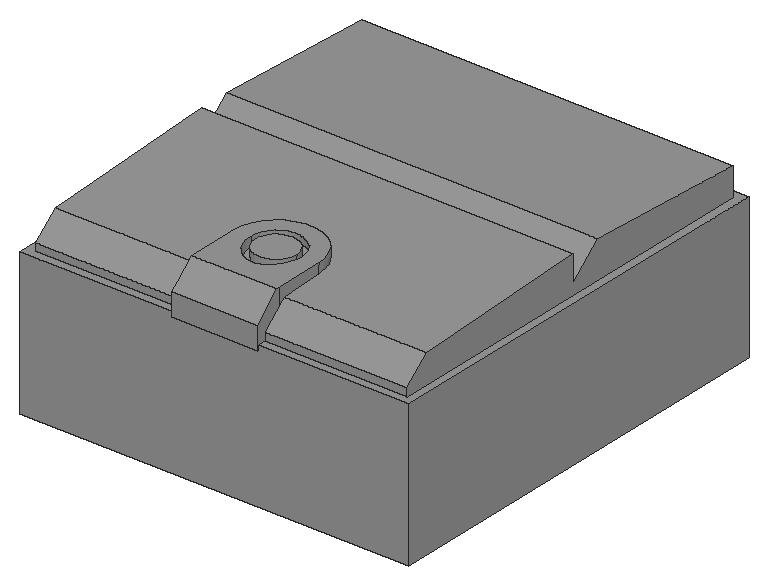
Revit family "ElectricalEquipment_Hager_Design30_RCCBIncomer", category Electrical Equipment, host Face, Revit 2015
Parameters (values of type "VM306H")
  _DistributedBy = "www.bimstore.co.uk"
  _CurrentRevision = 0
  _CreatedBy = "MajentaSolutions"
  _BimstoreBibleVersion = "V14"
  _BimSpecGuid = 0
  _Author = "MajentaSolutions"
  WarrantyStartDate [instance] = ""
  WarrantyGuarantorParts = "2"
  WarrantyGuarantorLabor = ""
  WarrantyDurationUnit = "Years"
  WarrantyDurationParts = 2
  WarrantyDurationLabor = 0
  WarrantyDescription = "See Manufacturer"
  Voltage = "230V"
  URL = "http://www.hager.co.uk/"
  TypeName = "ElectricalEquipment_RCCBIncomer_VM306H"
  Type Comments = Model  # "VM306H"
  TagNumber [instance] = ""
  SustainabilityPerformance = ""
  Size = ""
  built-in parameter 1140080 [instance] = "16kA"
  Shape = "Rectangular"
  ServiceLifeDuration = 0
  SerialNumber [instance] = EAN  # "3250610840603"
  ReplacementCost = 0
  NominalWidth = 220 mm
  NominalLength = 240 mm
  NominalHeight = 102 mm
  NominalDepth = 0 mm
  Neutral Rating = 1  # 100.00%
  NBSReference = ClassificationValue  # "Pr_80_77_28_16"
  NBSOfficeMasterTag = "n/a"
  NBSObjectName = "Hager_RCCBIncomer_VM306H"
  NBSNote = ""
  NBSDescription = Category  # "ElectricalEquipment"
  ModelReference = Model  # "VM306H"
  ModelNumber = Model  # "VM306H"
  ModelLabel = ""
  Model = "VM306H"
  built-in parameter 1140079 [instance] = 6
  Material = "MildSteel,ABS,AcousticComposite"
  ManufacturerName = "Hager"
  Manufacturer = "Hager"
  Mains Type = "AC"
  MCB Rating = 100 A
  Keynote = "V"
  InstallationDate [instance] = ""
  IfcExportType = "ElectricalEquipment"
  IfcExportAs = "ElectricalEquipment"
  Grade = ""
  Finish = ""
  Features = Description  # "6Way100A30MARCCBIncomerMetal"
  ExpectedLife = 10
  EAN = "3250610840603"
  DurationUnit = "Years"
  DocumentationTechnical = "http://www.hager.co.uk/product-catalogue/energy-distribution/consumer-units/design-range-of-consumer-units/design-30/51045.htm"
  DocumentationMaintenance = ""
  DocumentationLiterature = "http://www.hager.co.uk/product-catalogue/energy-distribution/consumer-units/design-range-of-consumer-units/design-30/51045.htm"
  DocumentationInstallationGuide = ""
  DocumentationCertificates = ""
  Description = "6Way100A30MARCCBIncomerMetal"
  Default Elevation = 500 mm
  CreatedOn = "12.06.17"
  CreatedBy = "MajentaSolutions"
  Constituents = ""
  Colour = "RAL9010WhiteGloss"
  CodePerformance = ""
  ClassificationValue = "Pr_80_77_28_16"
  ClassificationName = "Uniclass2015"
  Category = "ElectricalEquipment"
  BarCode [instance] = ""
  BIMObjectName = "Hager_ElectricalEquipment_RCCBIncomer_VM306H"
  AssetType = "Fixed"
  AssetIdentifier [instance] = ""
  Assembly Code = "D5010"
  AccessibilityPerformance = ""
Types (15, lengths in mm): name | TypeName | Type Comments | SerialNumber | NominalWidth | NominalLength | NominalHeight | NBSObjectName | ModelReference | ModelNumber | Model | built-in parameter 1140079 | MCB Rating | Features | EAN | Description | BIMObjectName
  VM402H | "ElectricalEquipment_RCCBIncomer_VM402H" | "VM402H" | "3250610840665" | 168 | 240 | 102 | "Hager_RCCBIncomer_VM402H" | "VM402H" | "VM402H" | "VM402H" | 2 | 40 A | "2Way40A30MARCCBIncomerMetal" | "3250610840665" | "2Way40A30MARCCBIncomerMetal" | "Hager_ElectricalEquipment_RCCBIncomer_VM402H"
  VM406H | "ElectricalEquipment_RCCBIncomer_VM406H" | "VM406H" | "3250610840689" | 220 | 240 | 102 | "Hager_RCCBIncomer_VM406H" | "VM406H" | "VM406H" | "VM406H" | 6 | 63 A | "6Way63A30MARCCBIncomerMetal" | "3250610840689" | "6Way63A30MARCCBIncomerMetal" | "Hager_ElectricalEquipment_RCCBIncomer_VM406H"
  VM306H | "ElectricalEquipment_RCCBIncomer_VM306H" | "VM306H" | "3250610840603" | 220 | 240 | 102 | "Hager_RCCBIncomer_VM306H" | "VM306H" | "VM306H" | "VM306H" | 6 | 100 A | "6Way100A30MARCCBIncomerMetal" | "3250610840603" | "6Way100A30MARCCBIncomerMetal" | "Hager_ElectricalEquipment_RCCBIncomer_VM306H"
  VM410H | "ElectricalEquipment_RCCBIncomer_VM410H" | "VM410H" | "3250610840702" | 290 | 240 | 102 | "Hager_RCCBIncomer_VM410H" | "VM410H" | "VM410H" | "VM410H" | 10 | 63 A | "10Way63A30MARCCBIncomerMetal" | "3250610840702" | "10Way63A30MARCCBIncomerMetal" | "Hager_ElectricalEquipment_RCCBIncomer_VM410H"
  VM310H | "ElectricalEquipment_RCCBIncomer_VM310H" | "VM310H" | "3250610840627" | 290 | 240 | 102 | "Hager_RCCBIncomer_VM310H" | "VM310H" | "VM310H" | "VM310H" | 10 | 100 A | "10Way100A30MARCCBIncomerMetal" | "3250610840627" | "10Way100A30MARCCBIncomerMetal" | "Hager_ElectricalEquipment_RCCBIncomer_VM310H"
  VM314 | "ElectricalEquipment_RCCBIncomer_VM310H" | "VM310H" | "3250610840627" | 290 | 240 | 102 | "Hager_RCCBIncomer_VM310H" | "VM310H" | "VM310H" | "VM310H" | (empty or 0) | 0 A | "10Way100A30MARCCBIncomerMetal" | "3250610840627" | "10Way100A30MARCCBIncomerMetal" | "Hager_ElectricalEquipment_RCCBIncomer_VM310H"
  VM314H | "ElectricalEquipment_RCCBIncomer_VM314H" | "VM314H" | "3250610840641" | 360 | 240 | 102 | "Hager_RCCBIncomer_VM314H" | "VM314H" | "VM314H" | "VM314H" | 14 | 100 A | "14Way100A30MARCCBIncomerMetal" | "3250610840641" | "14Way100A30MARCCBIncomerMetal" | "Hager_ElectricalEquipment_RCCBIncomer_VM314H"
  VM402HK | "ElectricalEquipment_RCCBIncomer_VM402HK" | "VM402HK" | "3250610840672" | 168 | 240 | 102 | "Hager_RCCBIncomer_VM402HK" | "VM402HK" | "VM402HK" | "VM402HK" | 2 | 40 A | "2Way40A30MARCCBIncomerMetalEKO" | "3250610840672" | "2Way40A30MARCCBIncomerMetalEKO" | "Hager_ElectricalEquipment_RCCBIncomer_VM402HK"
  VM406HK | "ElectricalEquipment_RCCBIncomer_VM406HK" | "VM406HK" | "3250610840696" | 220 | 240 | 102 | "Hager_RCCBIncomer_VM406HK" | "VM406HK" | "VM406HK" | "VM406HK" | 6 | 63 A | "6Way63A30MARCCBIncomerMetalEKO" | "3250610840696" | "6Way63A30MARCCBIncomerMetalEKO" | "Hager_ElectricalEquipment_RCCBIncomer_VM406HK"
  VM306HK | "ElectricalEquipment_RCCBIncomer_VM306HK" | "VM306HK" | "3250610840610" | 220 | 240 | 102 | "Hager_RCCBIncomer_VM306HK" | "VM306HK" | "VM306HK" | "VM306HK" | 6 | 100 A | "6Way100A30MARCCBIncomerMetalEKO" | "3250610840610" | "6Way100A30MARCCBIncomerMetalEKO" | "Hager_ElectricalEquipment_RCCBIncomer_VM306HK"
  VM410HK | "ElectricalEquipment_RCCBIncomer_VM410HK" | "VM410HK" | "3250610840719" | 290 | 240 | 102 | "Hager_RCCBIncomer_VM410HK" | "VM410HK" | "VM410HK" | "VM410HK" | 10 | 63 A | "10Way63A30MARCCBIncomerMetalEKO" | "3250610840719" | "10Way63A30MARCCBIncomerMetalEKO" | "Hager_ElectricalEquipment_RCCBIncomer_VM410HK"
  VM310HK | "ElectricalEquipment_RCCBIncomer_VM310HK" | "VM310HK" | "3250610840634" | 290 | 240 | 102 | "Hager_RCCBIncomer_VM310HK" | "VM310HK" | "VM310HK" | "VM310HK" | 10 | 100 A | "10Way100A30MARCCBIncomerMetalEKO" | "3250610840634" | "10Way100A30MARCCBIncomerMetalEKO" | "Hager_ElectricalEquipment_RCCBIncomer_VM310HK"
  VM314HK | "ElectricalEquipment_RCCBIncomer_VM314HK" | "VM314HK" | "3250610840658" | 360 | 240 | 102 | "Hager_RCCBIncomer_VM314HK" | "VM314HK" | "VM314HK" | "VM314HK" | 14 | 100 A | "14Way100A30MARCCBIncomerMetalEKO" | "3250610840658" | "14Way100A30MARCCBIncomerMetalEKO" | "Hager_ElectricalEquipment_RCCBIncomer_VM314HK"
  VM30606H | "ElectricalEquipment_RCCBIncomer_VM30606H" | "VM30606H" | "3250610841754" | 221 | 480 | 102.5 | "Hager_RCCBIncomer_VM30606H" | "VM30606H" | "VM30606H" | "VM30606H" | 6 | 100 A | "DualRow6+6Way100A30MARCCBIncomer" | "3250610841754" | "DualRow6+6Way100A30MARCCBIncomer" | "Hager_ElectricalEquipment_RCCBIncomer_VM30606H"
  VM30606HK | "ElectricalEquipment_RCCBIncomer_VM30606H" | "VM30606H" | "3250610841761" | 221 | 480 | 102.5 | "Hager_RCCBIncomer_VM30606H" | "VM30606H" | "VM30606H" | "VM30606H" | 6 | 100 A | "DualRow6+6Way100A30MARCCBIncomer" | "3250610841761" | "DualRow6+6Way100A30MARCCBIncomer" | "Hager_ElectricalEquipment_RCCBIncomer_VM30606H"
Reference planes
  plane 1 "Center (Front/Back)": y = 0
  plane 2: z = 0
  plane 3 "Center (Left/Right)": x = 0
  plane 4: x = 110
  plane 5: x = -110
  plane 6: y = -120
  plane 7: y = 120
  plane 8: z = 102
  plane 9: y = 115
  plane 10: z = 104
Forms (mm)
  Extrusion 1, solid, material "MildSteel,ABS,AcousticComposite", detail levels medium+fine
    sketch origin (0, 0, 0) x (1, 0, 0) y (0, 1, 0)
      loop
        line (-110, 120) -> (-110, -120) -> (110, -120) -> (110, 120) -> (-110, 120)
    from 0 to 81.873
  Extrusion 2, solid, material "MildSteel,ABS,AcousticComposite", detail levels fine
    sketch origin (-416.5, 5, 1.707) x (0, 1, 0) y (0, 0, 1)
      loop
        line (-120, 79.666) -> (110, 79.666) -> (110, 96.337) -> (14.685, 101.073) -> (-2.56, 85.947) -> (-2.56, 101.142) -> (-105.968, 96.124) -> (-120, 84.457) -> (-120, 79.666)
    from 311.5 to 521.5
Lines and regions (mm)
  reference lines
    curve 1: line (-105, 122.601, 0) -> (-105, -115, 0)
    curve 2: line (-105, -115, 0) -> (105, -115, 0)
    curve 3: line (105, -115, 0) -> (105, 127.601, 0)
    curve 20: line (0, 240, 81.873) -> (0, -240, 81.873)
  model lines
    curve 4: line (-110, 120, 0) -> (-110, -120, 0)
    curve 5: line (110, 120, 0) -> (110, -120, 0)
    curve 6: line (110, -120, 0) -> (-110, -120, 0)
    curve 7: line (110, 120, 0) -> (-110, 120, 0)
    curve 8: line (-105, 115, 0) -> (-105, -115, 0)
    curve 9: line (-105, 115, 0) -> (105, 115, 0)
    curve 10: line (105, -115, 0) -> (105, 115, 0)
    curve 11: line (-105, -115, 0) -> (105, -115, 0)
    curve 12: line (-24.04, -76.141, 0) -> (-24.04, -104.273, 0)
    curve 13: spline (23.96, -76.141, 0) -> (23.143, -69.938, 0) -> (20.745, -64.157, 0) -> (16.931, -59.194, 0) -> (11.96, -55.385, 0) -> (6.172, -52.99, 0) -> (-0.04, -52.174, 0) -> (-6.251, -52.99, 0) -> (-12.04, -55.385, 0) -> (-17.01, -59.194, 0) -> (-20.824, -64.157, 0) -> (-23.222, -69.938, 0) -> (-24.04, -76.141, 0)
    curve 14: line (23.96, -120, 0) -> (23.96, -76.141, 0)
    curve 15: line (24.26, -120, 0) -> (23.96, -104.273, 0)
    curve 16: line (-24.04, -104.273, 0) -> (-24.339, -120, 0)
    curve 17: line (-24.339, -120, 0) -> (23.96, -120, 0)
    curve 18: arc (-11.595, -76.582, 0) -> (0, -88.178, 0) -> (11.595, -76.582, 0) r 11.595
    curve 19: arc (11.595, -76.582, 0) -> (0, -64.987, 0) -> (-11.595, -76.582, 0) r 11.595
    curve 21: line (-105, 19.685, 0) -> (105, 19.685, 0)
    curve 22: line (105, 2.44, 0) -> (-105, 2.44, 0)
  symbolic lines, detail levels coarse+medium
    curve 23: line (-239.252, 0, 120) -> (-239.252, 0, 0)
    curve 24: line (-239.252, 0, 0) -> (240.748, 0, 0)
    curve 25: line (240.748, 0, 0) -> (240.748, 0, 120)
    curve 26: line (240.748, 0, 120) -> (-239.252, 0, 120)
    curve 27: line (240.748, 0, 120) -> (-240.546, 0, 0)
  symbolic lines, not visible, detail levels coarse+medium
    curve 28: line (-353.498, 0, 512.331) -> (-353.498, 0, 392.331)
    curve 29: line (-353.498, 0, 392.331) -> (126.502, 0, 392.331)
    curve 30: line (126.502, 0, 392.331) -> (126.502, 0, 512.331)
    curve 31: line (126.502, 0, 512.331) -> (-353.498, 0, 512.331)
    curve 32: line (126.502, 0, 512.331) -> (-354.791, 0, 392.331)
Dimensions and locks
  equal spacing: plane 5, plane 3 "Center (Left/Right)", plane 4
  "NominalWidth": plane 5 to plane 4
  equal spacing: plane 6, plane 1 "Center (Front/Back)", plane 7
  "NominalLength": plane 6 to plane 7
  "NominalHeight": plane 8 to plane 2
  curve 3 to plane 4 = 5 mm
  plane 5 to curve 1 = 5 mm
  locked: plane 6 to curve 2 at 5
  plane 6 to plane 1 "Center (Front/Back)" = 120 mm
  locked: plane 9 to plane 7 at 5
  locked: plane 10 to plane 8 at 2
  locked: plane 10 to Extrusion 2 at 22.627
  aligned and locked: plane 2 to host face
  aligned and locked: level to host face
  aligned and locked: Extrusion 1 sketch curve to plane 5
  aligned and locked: Extrusion 1 sketch curve to plane 6
  aligned and locked: Extrusion 1 sketch curve to plane 4
  aligned and locked: Extrusion 1 sketch curve to plane 7
  aligned and locked: curve 4 to plane 5
  aligned and locked: curve 5 to plane 4
  aligned and locked: curve 7 to plane 7
  aligned and locked: curve 1 to curve 8
  aligned and locked: curve 9 to plane 9
  aligned and locked: curve 10 to curve 3
  aligned and locked: plane 6 to nested 1
  aligned and locked: plane 3 "Center (Left/Right)" to nested 1
  aligned and locked: Extrusion 2 to curve 2
  aligned and locked: curve 1 to Extrusion 2
  aligned and locked: Extrusion 2 to curve 1
  aligned and locked: plane 9 to Extrusion 2
  aligned and locked: curve 12 to nested 1
  aligned and locked: curve 18 to nested 1
  aligned and locked: curve 19 to nested 1
  aligned and locked: plane 10 to nested 1
  aligned and locked: curve 20 to Extrusion 1
  aligned and locked: curve 21 to Extrusion 2
  aligned and locked: curve 22 to Extrusion 2
Automatic sketch dimensions
  host sketch curve to host sketch curve = 2438.4 mm  (x2)
  plane 9 to curve 1 = 7.601 mm
  plane 9 to curve 3 = 12.601 mm
  plane 6 to curve 4 = 0 mm
  curve 8 to plane 6 = 5 mm
  Extrusion 2 sketch curve to plane 6 = 5 mm
  Extrusion 2 sketch curve to plane 6 = 19.032 mm
  plane 8 to Extrusion 2 sketch curve = 0.849 mm
  Extrusion 2 sketch curve to plane 1 "Center (Front/Back)" = 2.44 mm
  plane 8 to Extrusion 2 sketch curve = 0.78 mm
  Extrusion 2 sketch curve to plane 1 "Center (Front/Back)" = 19.685 mm
  plane 9 to Extrusion 2 sketch curve = 0 mm
  Extrusion 2 sketch curve to Extrusion 2 sketch curve = 4.791 mm
  curve 12 to plane 6 = 15.727 mm
  curve 12 to curve 12 = 28.132 mm
  curve 13 to plane 3 "Center (Left/Right)" = 0.04 mm
  curve 14 to curve 15 = 0.3 mm
  curve 16 to curve 12 = 0.3 mm
  plane 6 to curve 17 = 0 mm
  curve 15 to plane 6 = 15.727 mm
  Extrusion 2 sketch curve to plane 8 = 3.957 mm
  Extrusion 2 sketch curve to plane 8 = 4.169 mm
  Extrusion 2 sketch curve to plane 8 = 14.346 mm
  Extrusion 2 sketch curve to plane 8 = 15.836 mm
Nested families
  nested 1: "Clip" at (0, -120, -1), type "Clip", detail levels fine
Connectors
  electrical at (0, 0, 0)
    settings: on Extrusion 1, index 1, voltage 0 V, apparent load 0 VA, apparent load phase1 0 VA, apparent load phase2 0 VA, apparent load phase3 0 VA, power factor 1, load classification "Other", number of poles 1, system type 31, power factor state 1, is connector primary yes, connector utility no, sub classification motor no, connector description ""
Definition of nested family "Clip"
  Reference planes
    plane 1 "Center (Front/Back)": y = 0
    plane 2: z = 0
    plane 3 "Center (Left/Right)": x = 0
  Forms (mm)
    Extrusion 1, solid
      sketch origin (-424.098, 111.469, 0) x (1, 0, 0) y (0, 1, 0)
        loop
          line (448.059, -95.742) -> (448.059, -67.61)
          spline (448.059, -67.61) -> (447.241, -61.406) -> (444.843, -55.626) -> (441.029, -50.662) -> (436.059, -46.853) -> (430.271, -44.459) -> (424.059, -43.642) -> (417.847, -44.459) -> (412.059, -46.853) -> (407.088, -50.662) -> (403.274, -55.626) -> (400.877, -61.406) -> (400.059, -67.61)
          line (400.059, -67.61) -> (400.059, -95.742) -> (399.838, -107.316) -> (399.838, -111.469) -> (448.359, -111.469) -> (448.059, -95.742)
        loop
          spline (438.643, -67.656) -> (438.146, -63.885) -> (436.689, -60.371) -> (434.372, -57.353) -> (431.352, -55.037) -> (427.834, -53.582) -> (424.06, -53.085) -> (420.286, -53.582) -> (416.769, -55.037) -> (413.749, -57.353) -> (411.431, -60.371) -> (409.974, -63.885) -> (409.477, -67.656)
          arc (409.477, -67.656) -> (412.64, -78.484) -> (421.538, -85.418) r 18.356
          arc (421.538, -85.418) -> (424.06, -85.863) -> (426.582, -85.418) r 7.362
          arc (426.582, -85.418) -> (435.48, -78.484) -> (438.643, -67.656) r 18.356
        loop
          circle (424.098, -68.051) r 11.595
      from 80 to 105
    Extrusion 2, void
      sketch origin (0, 0, 0) x (0, 1, 0) y (0, 0, 1)
        loop
          line (0, 105) -> (0, 92.5) -> (14, 105) -> (0, 105)
      from -27.556 to 26.925
  Cuts and joins
    Extrusion 2 cuts Extrusion 1
  Dimensions and locks
    aligned and locked: level to plane 2
    aligned and locked: Extrusion 2 sketch curve to Extrusion 1
    aligned and locked: Extrusion 1 to Extrusion 2 sketch curve
